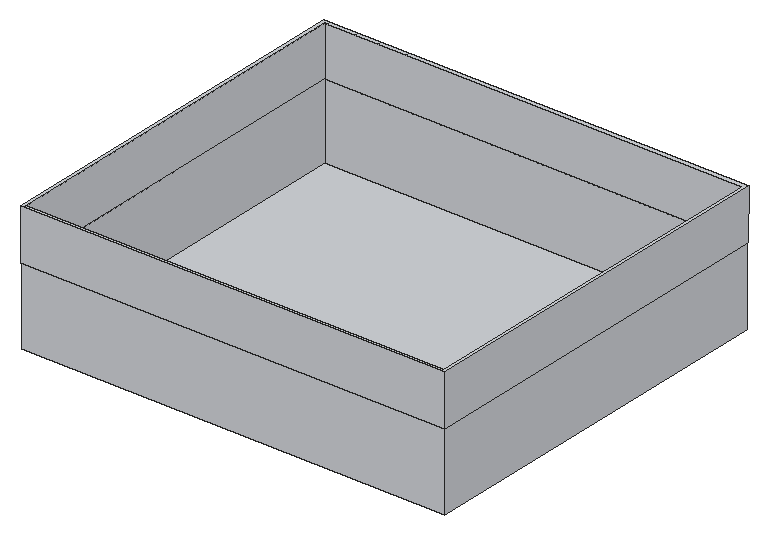
Revit family "Hager-Vega_D-IP30-vazio-PT-pt", category Electrical Equipment, host Face, Revit 2020
Family settings
  Host = Face
  Panel Configuration = Two Columns, Circuits Across
  Round Connector Dimension = Use Diameter
  Part Type = Panelboard
  Cut with Voids When Loaded = No
  Shared = No
  Room Calculation Point = No
Parameters (values of type "Montagem embutida IP30 L600 A537 P182 24 unidade de divisão - FU22AN")
  Width Control [instance] = if([HG000006 - Encastrado], if([EF000846 - Largura para embutir] > min_whd, [EF000846 - Largura para embutir], min_whd), if([EF000008 - Largura] > min_whd, ([EF000008 - Largura]), min_whd))  # 600 mm
  Void Depth [instance] = if([HG000006 - Encastrado], Depth Control, 1 mm)  # 110 mm
  Type Comments = [HG000003 - Gama]  # "Vega D"
  System Height [instance] = Height Control - 2 * [HG000005 - Espessura]  # 531 mm
  Model = [HG000004 - Referência do Fabricante]  # "FU22AN"
  HG000017 - Distância entre polos = 18 mm
  HG000016 - Visibilidade da porta 3D [instance] = yes
  HG000015 - Visibilidade através da porta [instance] = no
  HG000014 - Porta à direita [instance] = yes
  HG000013 - Porta à esquerda [instance] = not([HG000014 - Porta à direita])  # no
  HG000012 - Ângulo de abertura de porta [instance] = 45.00°
  HG000011 - Filas vazias desde da parte de baixo = no
  HG000010 - Portas assimétricas = no
  HG000009 - Porta dupla = no
  HG000008 - Número de filas vazias = 0
  HG000007 - Número de colunas vazias = 0
  HG000006 - Encastrado = yes
  HG000005 - Espessura = 3 mm  # constant formula
  HG000004 - Referência do Fabricante = "FU22AN"
  HG000003 - Gama = "Vega D"
  HG000002 - Com porta ou tampa = no
  HG000001 - Número de colunas = 0
  EF015941 - Porta para passagem de sinal = no
  EF015777 - Borne de neutro = no
  EF015776 - Borne de terra = no
  EF009212 - Tipo de tampa = "EV009916 - Com recuo"
  EF006306 - Com fecho = no
  EF006244 - Tampa/porta transparente = no
  EF005474 - Grau de proteção (IP) = "EV006410 - IP30"
  EF004462 - Tipo de fecho = ""
  EF002950 - Largura em número de módulos = 24
  EF001596 - Material do corpo = "EV000154 - Outro"
  EF001134 - Calha DIN = yes
  EF001131 - Profundidade interior = 110 mm
  EF001088 - Extensão possível = yes
  EF001062 - Versão EMC = no
  EF000846 - Largura para embutir = 600 mm
  EF000339 - Tipo de difusor = "EV000494 - Nenhum"
  EF000332 - Altura embutida = 537 mm
  EF000266 - Número de linhas = 0
  EF000218 - Profundidade incorporada = 110 mm
  EF000118 - Com tampa de montagem = no
  EF000116 - Número RAL = "9010"
  EF000049 - Profundidade = 182 mm
  EF000040 - Altura = 537 mm
  EF000008 - Largura = 600 mm
  EF000007 - Cor = "EV000202 - Branco"
  EF000003 - Método de montagem = "EV000383 - Montagem embutida (gesso)"
  Arrow Offset [instance] = Depth Control / 8  # 13.75 mm
  Arrow Height [instance] = Depth Control - Arrow Offset  # 96.25 mm
  Host Offset [instance] = if([HG000006 - Encastrado], 0 mm, [EF000049 - Profundidade])  # 0 mm
  min_whd [instance] = (2 * [HG000005 - Espessura]) + 1 mm  # 7 mm
  Manufacturer = "Hager"  # constant formula
  Height Control [instance] = if([HG000006 - Encastrado], if([EF000332 - Altura embutida] > min_whd, [EF000332 - Altura embutida], min_whd), if([EF000040 - Altura] > min_whd, ([EF000040 - Altura]), min_whd))  # 537 mm
  Flush Mounted - Door Frame Width [instance] = if(([EF000040 - Altura] - [EF000332 - Altura embutida]) > 0 mm, if([HG000006 - Encastrado], [EF000040 - Altura] - [EF000332 - Altura embutida], 0 mm), 0 mm)  # 0 mm
  Depth Control [instance] = if([HG000006 - Encastrado], if([EF000218 - Profundidade incorporada] > 0 mm, [EF000218 - Profundidade incorporada], 1 mm), if([EF000049 - Profundidade] > 0 mm, ([EF000049 - Profundidade]), 1 mm))  # 110 mm
  Default Elevation = 0 mm
Reference planes
  plane 1 "Center (Front/Back)": y = 0
  plane 2: z = 0
  plane 3 "Center (Left/Right)": x = 0
  plane 4: z = 0
  plane 5: y = 3
  plane 6: z = -5
  plane 7: y = 268.5
  plane 8: y = 0
  plane 9: y = 537
  plane 10: z = -110
  plane 11: x = -300
  plane 12: x = 300
  plane 13: x = 297
  plane 14: x = -297
  plane 15: y = 534
  plane 16: z = -107
  plane 17: z = -3
  plane 18: z = -110
  plane 19: z = -3
Forms (mm)
  Extrusion 1, solid
    sketch origin (-583.045, 0, 1219.2) x (-1, 0, 0) y (0, 0, 1)
      loop
        line (-283.045, -1219.2) -> (-883.045, -1219.2) -> (-883.045, -1329.2) -> (-283.045, -1329.2) -> (-283.045, -1219.2)
    from 0 to 537 <- "Height Control"
  Extrusion 2, void
    sketch origin (-381.607, -4572, 0) x (0, -1, 0) y (-1, 0, 0)
      loop
        line (-5106, -84.607) -> (-5106, -678.607) -> (-4575, -678.607) -> (-4575, -84.607) -> (-5106, -84.607)
    from 0 to 107
  Extrusion 3, void
    sketch origin (0, 0, 0) x (1, 0, 0) y (0, 1, 0)
      loop
        line (-300, 0) -> (300, 0) -> (300, 537) -> (-300, 537) -> (-300, 0)
    from -110 to 1
  Extrusion 4, solid, detail levels coarse+medium
    sketch origin (-381.607, -4572, 0) x (-1, 0, 0) y (0, -1, 0)
      loop
        line (-84.607, -5106) -> (-84.607, -4575) -> (-678.607, -4575) -> (-678.607, -5106) -> (-84.607, -5106)
    from 0 to -3
Cuts and joins
  Extrusion 2 cuts Extrusion 1
Dimensions and locks
  plane 4 to plane 6 = 5 mm
  "Host Offset": plane 4 to host face
  "Flush Mounted - Door Frame Width": plane 1 "Center (Front/Back)" to plane 8
  "HG000005 - Espessura": plane 5 to plane 8
  locked: connector elem to plane 3 "Center (Left/Right)"
  "Height Control": plane 9 to plane 8
  equal spacing: plane 9, plane 7, plane 8
  locked: connector elem to plane 7
  "Depth Control": plane 4 to plane 10
  "HG000005 - Espessura": plane 11 to plane 14
  "HG000005 - Espessura": plane 12 to plane 13
  equal spacing: plane 11, plane 3 "Center (Left/Right)", plane 12
  "Width Control": plane 11 to plane 12
  "Arrow Offset": nested 4 to plane 10
  "HG000005 - Espessura": plane 9 to plane 15
  "HG000005 - Espessura": plane 16 to plane 10
  "HG000005 - Espessura": plane 4 to plane 17
  "Void Depth": plane 2 to plane 18
  "HG000005 - Espessura": plane 4 to plane 19
  aligned and locked: plane 2 to host face
  aligned and locked: level to host face
  aligned and locked: plane 3 "Center (Left/Right)" to nested 2
  aligned and locked: nested 2 to plane 4
  aligned and locked: nested 2 to plane 8
  aligned and locked: nested 1 to plane 6
  aligned and locked: nested 1 to plane 5
  aligned and locked: nested 4 to plane 11
  aligned and locked: nested 3 to plane 4
  aligned and locked: Extrusion 1 sketch curve to plane 12
  aligned and locked: Extrusion 1 sketch curve to plane 11
  aligned and locked: nested 3 to plane 10
  aligned and locked: plane 10 to Extrusion 1 sketch curve
  aligned and locked: Extrusion 2 sketch curve to plane 5
  aligned and locked: Extrusion 2 sketch curve to plane 15
  aligned and locked: Extrusion 2 sketch curve to plane 14
  aligned and locked: Extrusion 2 sketch curve to plane 13
  aligned and locked: plane 11 to Extrusion 3 sketch curve
  aligned and locked: plane 9 to Extrusion 3 sketch curve
  aligned and locked: Extrusion 3 sketch curve to plane 8
  aligned and locked: plane 12 to Extrusion 3 sketch curve
  aligned and locked: nested 3 to plane 12
  aligned and locked: Extrusion 3 to plane 18
  aligned and locked: Extrusion 2 to plane 16
  aligned and locked: Extrusion 1 sketch curve to plane 4
  aligned and locked: Extrusion 4 to plane 17
  aligned and locked: Extrusion 4 sketch curve to plane 15
  aligned and locked: Extrusion 4 sketch curve to plane 13
  aligned and locked: Extrusion 4 sketch curve to plane 14
  aligned and locked: Extrusion 4 sketch curve to plane 5
Automatic sketch dimensions
  host sketch curve to host sketch curve = 1469.727 mm
  host sketch curve to host sketch curve = 1434.803 mm
Nested families
  nested 1: "Hager_Enclosure_System" at (0, 3, -5) x (1, 0, 0) z (0, 1, 0), Depth <- "HG000005 - Espessura", Height <- "System Height", Width <- "EF000008 - Largura", Border <- "HG000005 - Espessura", Flush_Mounted <- "HG000006 - Encastrado", Built-in_Width <- "EF000846 - Largura para embutir", Row_Module_Multiplicator <- "EF002950 - Largura em número de módulos", Total_No_Empty_Rows <- "HG000008 - Número de filas vazias", Total_No_Rows <- "EF000266 - Número de linhas", Empty_Columns <- "HG000007 - Número de colunas vazias", Width_Control <- "Width Control", Empty_Rows_From_Bottom <- "HG000011 - Filas vazias desde da parte de baixo", Distance_Between_Poles <- "HG000017 - Distância entre polos", Rows_Count <- "EF000266 - Número de linhas", Columns_Count <- "HG000001 - Número de colunas", type "Hager_Enclosure_System", detail levels fine
    with Width_Control 600 mm, Width 600 mm, Total_No_Rows 0, Total_No_Empty_Rows 0, Total_No_Columns 1, System_Width 594 mm, Rows_Count 0, Rows_Column 0, Row_Module_Multiplicator 24, Panel_4 no, Panel_3 no, Panel_2 no, Panel_1 no, No_Panels_Ctrl 1, Hide_Columns yes, Height 531 mm, Flush_Mounted yes, Empty_Rows_From_Bottom no, Empty_Rows_Column 0, Empty_Columns 0, Distance_Between_Poles 18 mm, Depth 3 mm, Columns_Count 0, Column_Width 594 mm, Built-in_Width 600 mm, Border 3 mm
  nested 2: "Hager_Enclosure_Door" at (0, 0, 0) x (1, 0, 0) z (0, 1, 0), Border <- "HG000005 - Espessura", Door_Right <- "HG000014 - Porta à direita", Flush_Mounted <- "HG000006 - Encastrado", Depth <- "EF000049 - Profundidade", Width <- "EF000008 - Largura", Door_Left <- "HG000013 - Porta à esquerda", 3d_Door <- "HG000016 - Visibilidade da porta 3D", BuiltIn_Width <- "EF000846 - Largura para embutir", BuiltIn_Height <- "EF000332 - Altura embutida", BuiltIn_Depth <- "EF000218 - Profundidade incorporada", Angle <- "HG000012 - Ângulo de abertura de porta", Assymetrical <- "HG000010 - Portas assimétricas", Double <- "HG000009 - Porta dupla", Clearance <- "HG000015 - Visibilidade através da porta", Transparent <- "EF006244 - Tampa/porta transparente", Door <- "HG000002 - Com porta ou tampa", Height_Ctrl <- "Height Control", Width_Ctrl <- "Width Control", Height <- "EF000040 - Altura", type "Hager_Enclosure_Door", detail levels medium+fine
    with min_wh 7 mm, Width_Ctrl 600 mm, Width 600 mm, Transparent_Door_No_Bottom_Border no, Transparent no, Leaf_Width 591 mm, Leaf_Tolerance 1.5 mm, Leaf_Height 528 mm, Leaf_2_Width 591 mm, Leaf_2_Offset 295.5 mm, Leaf_1_Width 591 mm, Leaf_1_Offset 295.5 mm, Height_Ctrl 537 mm, Height 537 mm, Frame_Width_Ctrl 1 mm, Frame_Width 0 mm, Frame_Internal_Offset 3 mm, Frame_Height_Ctrl 1 mm, Frame_Height 0 mm, Frame_Depth_Ctrl 72 mm, Frame_Depth 72 mm, Flush_Mounted yes, Double_Clearance_Ctrl no, Double no, Door_Right_Ctrl no, Door_Right yes, Door_Left_Ctrl no, Door_Left no, Door no, Depth 182 mm, Clearance_Depth 591 mm, Clearance_Ctrl no, Clearance no, BuiltIn_Width 600 mm, BuiltIn_Height 537 mm, BuiltIn_Depth 110 mm, Border 3 mm, Assymetrical no, Angle 45.00°, 3d_Door yes
  nested 3: "Hager_Enclosure_Symbol_Triangle" at (-300, 0, -110) x (1, 0, 0) z (0, -1, 0), Depth <- "Depth Control", Width <- "Width Control", type "Hager_Enclosure_Symbol_Triangle"
    with Width_Ctrl 600 mm, Width 600 mm, Depth_Ctrl 110 mm, Depth 110 mm
  nested 4: "Hager_Enclosure_Symbol_Arrow" at (-300, 0, -96.25) x (1, 0, 0) z (0, -1, 0), Height <- "Arrow Height", type "Hager_Enclosure_Symbol_Arrow"
    with Width_Inside 7.219 mm, Width 86.625 mm, Height_Ctrl 96.25 mm, Height 96.25 mm
Connectors
  electrical at (0, 268.5, -110)
    settings: on plane 10, index 1, voltage 0 V, apparent load 0 VA, apparent load phase1 0 VA, apparent load phase2 0 VA, apparent load phase3 0 VA, power factor 1, load classification "Other", number of poles 1, system type 30, power factor state 1, is connector primary yes, connector utility no, sub classification motor no, connector description ""
Definition of nested family "Hager_Enclosure_Door"
  Parameters (values of type "Hager_Enclosure_Door")
    min_wh [instance] = (2 * Border) + 1 mm  # 11 mm
    Width_Ctrl [instance] = 400 mm
    Width [instance] = 500 mm
    Transparent_Door_No_Bottom_Border [instance] = no
    Transparent [instance] = yes
    Leaf_Width [instance] = if((Width_Ctrl - 2 * Border - 2 * Leaf_Tolerance) > 0 mm, (Width_Ctrl - 2 * Border - 2 * Leaf_Tolerance), min_wh)  # 387 mm
    Leaf_Tolerance [instance] = 1.5 mm  # constant formula
    Leaf_Height [instance] = if((Height_Ctrl - 2 * Border - 2 * Leaf_Tolerance) > 0 mm, (Height_Ctrl - 2 * Border - 2 * Leaf_Tolerance), min_wh)  # 387 mm
    Leaf_2_Width [instance] = if(and(and(Double, Assymetrical), Door_Left), (Leaf_Width / 3) - (Leaf_Tolerance / 2), if(and(and(Double, Assymetrical), Door_Right), (Leaf_Width / 3) * 2 - (Leaf_Tolerance / 2), if(and(Double, not(Assymetrical)), (Leaf_Width / 2) - Leaf_Tolerance, Leaf_Width)))  # 387 mm
    Leaf_2_Offset [instance] = if(and(Double, Assymetrical), Leaf_2_Width / 2, if(and(Double, not(Assymetrical)), Leaf_Width / 4, Leaf_Width / 2))  # 193.5 mm
    Leaf_1_Width [instance] = if(and(and(Double, Assymetrical), Door_Right), (Leaf_Width / 3) - (Leaf_Tolerance / 2), if(and(and(Double, Assymetrical), Door_Left), (Width / 3) * 2 - (Leaf_Tolerance / 2), if(and(Double, not(Assymetrical)), (Leaf_Width / 2) - Leaf_Tolerance, Leaf_Width)))  # 387 mm
    Leaf_1_Offset [instance] = if(and(Double, Assymetrical), Leaf_1_Width / 2, if(and(Double, not(Assymetrical)), Leaf_Width / 4, Leaf_Width / 2))  # 193.5 mm
    Height_Ctrl [instance] = 400 mm
    Height [instance] = 500 mm
    Frame_Width_Ctrl [instance] = if(Frame_Width > 0 mm, Frame_Width, 1 mm)  # 1 mm
    Frame_Width [instance] = Width - BuiltIn_Width  # 0 mm
    Frame_Internal_Offset [instance] = if(Flush_Mounted, Border, 0 mm)  # 5 mm
    Frame_Height_Ctrl [instance] = if(Frame_Height > 0 mm, Frame_Height, 1 mm)  # 1 mm
    Frame_Height [instance] = Height - BuiltIn_Height  # 0 mm
    Frame_Depth_Ctrl [instance] = if(Frame_Depth > 0 mm, Frame_Depth, 1 mm)  # 1 mm
    Frame_Depth [instance] = if(Depth - BuiltIn_Depth > 0 mm, if(Flush_Mounted, Depth - BuiltIn_Depth, 0 mm), 0 mm)  # 0 mm
    Flush_Mounted [instance] = yes
    Double_Clearance_Ctrl [instance] = and(Double, Clearance)  # no
    Double [instance] = no
    Door_Right_Ctrl [instance] = and(or(Door_Right, Double), Door)  # yes
    Door_Right [instance] = yes
    Door_Left_Ctrl [instance] = and(or(Door_Left, Double), Door)  # no
    Door_Left [instance] = no
    Door [instance] = yes
    Depth [instance] = 500 mm
    Default Elevation = 1219.2 mm
    Clearance_Material = none
    Clearance_Depth [instance] = if(Leaf_1_Width > Leaf_2_Width, Leaf_1_Width, Leaf_2_Width)  # 387 mm
    Clearance_Ctrl [instance] = and(not(Double), Clearance)  # yes
    Clearance [instance] = yes
    BuiltIn_Width [instance] = 500 mm
    BuiltIn_Height [instance] = 500 mm
    BuiltIn_Depth [instance] = 500 mm
    Border [instance] = 5 mm
    Assymetrical [instance] = yes
    Angle [instance] = 30.00°
    3d_Door [instance] = yes
  Reference planes
    plane 1 "Center (Front/Back)": y = 0
    plane 2 "Bottom": z = 0
    plane 3 "Center (Left/Right)": x = 0
    plane 4: z = 400
    plane 5: x = -200
    plane 6: x = 200
    plane 7: z = 395
    plane 8: x = -195
    plane 9: z = 5
    plane 10: x = 195
    plane 11: y = 0
    plane 12: z = 6.5
    plane 13: x = -582
    plane 14: y = -387
    plane 15: x = 582
    plane 16: x = 0
    plane 17: x = 0
    plane 18: x = -193.5
    plane 19: x = 193.5
    plane 20: z = 393.5
  Forms (mm)
    Extrusion 1, solid, visible <- "Flush_Mounted"
      sketch origin (0, 0, 0) x (1, 0, 0) y (0, 0, 1)
        loop
          line (195, 5) -> (195, 395) -> (-195, 395) -> (-195, 5) -> (195, 5)
        loop
          line (-201, 401) -> (-201, -1) -> (201, -1) -> (201, 401) -> (-201, 401)
      from 0 to 1 <- "Frame_Depth_Ctrl"
    Extrusion 2, solid, material <- "Clearance_Material", visible <- "Double_Clearance_Ctrl"
      sketch origin (1200, 0, 0) x (1, 0, 0) y (0, 0, -1)
        loop
          line (-1782, -393.5) -> (-618, -393.5) -> (-618, 0) -> (-1782, 0) -> (-1782, -393.5)
      from 0 to -387
  Dimensions and locks
    equal spacing: plane 5, plane 3 "Center (Left/Right)", plane 6
    "Width_Ctrl": plane 5 to plane 6
    "Border": plane 5 to plane 8
    "Border": plane 6 to plane 10
    "Border": plane 9 to level
    "Border": plane 4 to plane 7
    "Height_Ctrl": plane 4 to level
    "Leaf_Tolerance": plane 12 to plane 9
    "Frame_Depth": plane 11 to plane 1 "Center (Front/Back)"
    "Frame_Width_Ctrl": plane 5 to Extrusion 1 sketch curve
    "Frame_Width_Ctrl": plane 6 to Extrusion 1 sketch curve
    "Frame_Width_Ctrl": Extrusion 1 sketch curve to plane 4
    "Frame_Width_Ctrl": plane 2 "Bottom" to Extrusion 1 sketch curve
    "Leaf_1_Offset": plane 18 to plane 16
    "Leaf_2_Offset": plane 17 to plane 19
    "Leaf_1_Width": plane 13 to plane 8
    "Leaf_2_Width": plane 10 to plane 15
    "Clearance_Depth": plane 14 to plane 1 "Center (Front/Back)"
    "Leaf_Tolerance": plane 8 to plane 18
    "Leaf_Tolerance": plane 19 to plane 10
    "Leaf_Tolerance": plane 7 to plane 20
    "Frame_Internal_Offset": plane 5 to Extrusion 1 sketch curve
    "Frame_Internal_Offset": Extrusion 1 sketch curve to plane 2 "Bottom"
    "Frame_Internal_Offset": plane 6 to Extrusion 1 sketch curve
    "Frame_Internal_Offset": plane 4 to Extrusion 1 sketch curve
    aligned and locked: level to plane 2 "Bottom"
    aligned and locked: nested 1 to plane 16
    aligned and locked: nested 2 to plane 17
    aligned and locked: Extrusion 2 to plane 13
    aligned and locked: plane 15 to Extrusion 2
    aligned and locked: Extrusion 2 to plane 14
    aligned and locked: plane 12 to nested 1
    aligned and locked: nested 2 to plane 12
    aligned and locked: Extrusion 2 to plane 11
    aligned and locked: plane 20 to Extrusion 2
    aligned and locked: nested 2 to plane 11
    aligned and locked: nested 1 to plane 11
  Automatic sketch dimensions
    Extrusion 2 sketch curve to level = 0 mm
    plane 5 to Extrusion 2 sketch curve = 382 mm
    plane 6 to Extrusion 2 sketch curve = 382 mm
    Extrusion 2 sketch curve to plane 4 = 6.5 mm
  Nested families
    nested 1: "Hager_Enclosure_Door_Leaf" at (0, 0, 6.5), Width <- "Leaf_1_Width", visible <- "Door_Left_Ctrl", Leaf_Height <- "Leaf_Height", Angle <- "Angle", Depth <- "Border", 3d_Door <- "3d_Door", Transparent <- "Transparent", Clearance Material <- "Clearance_Material", Clearance <- "Clearance_Ctrl", Transparent_Door_No_Bottom_Border <- "Transparent_Door_No_Bottom_Border", type "Hager_Enclosure_Door_Leaf"
      with Width 387 mm, Transparent_Door_No_Bottom_Border no, Transparent_Door_Border_Bottom_Top 25 mm, Transparent_Door_Border 25 mm, Transparent_Ctrl yes, Transparent yes, Standard no, Leaf_Height 387 mm, Glass_Offset 1 mm, Depth 5 mm, Clearance Material none, Clearance yes, Angle_Ctrl 30.00°, Angle 30.00°, 3d_Door yes
    nested 2: "Hager_Enclosure_Door_Leaf" at (0, 0, 6.5) x (-1, 0, 0) z (0, 0, 1), Width <- "Leaf_2_Width", visible <- "Door_Right_Ctrl", Leaf_Height <- "Leaf_Height", Angle <- "Angle", Depth <- "Border", 3d_Door <- "3d_Door", Transparent <- "Transparent", Clearance Material <- "Clearance_Material", Clearance <- "Clearance_Ctrl", Transparent_Door_No_Bottom_Border <- "Transparent_Door_No_Bottom_Border", type "Hager_Enclosure_Door_Leaf"
      with Width 387 mm, Transparent_Door_No_Bottom_Border no, Transparent_Door_Border_Bottom_Top 25 mm, Transparent_Door_Border 25 mm, Transparent_Ctrl yes, Transparent yes, Standard no, Leaf_Height 387 mm, Glass_Offset 1 mm, Depth 5 mm, Clearance Material none, Clearance yes, Angle_Ctrl 30.00°, Angle 30.00°, 3d_Door yes
  Definition of nested family "Hager_Enclosure_Door_Leaf"
    Parameters (values of type "Hager_Enclosure_Door_Leaf")
      Width [instance] = 2000 mm
      Transparent_Door_No_Bottom_Border [instance] = yes
      Transparent_Door_Border_Bottom_Top [instance] = if(Transparent_Door_No_Bottom_Border, 0.1 mm, Transparent_Door_Border)  # 0.1 mm
      Transparent_Door_Border [instance] = if(Transparent_Door_No_Bottom_Border, (Width * 0.12), 25 mm)  # 240 mm
      Transparent_Ctrl [instance] = and(Transparent, [3d_Door])  # yes
      Transparent [instance] = yes
      Standard [instance] = and(not(Transparent), [3d_Door])  # no
      Leaf_Height [instance] = 2720.336 mm
      Glass_Offset [instance] = if((Depth - 10 mm) / 2 > 0 mm, (Depth - 10 mm) / 2, 1 mm)  # 15 mm
      Glass_Material = none
      Depth [instance] = 40 mm
      Default Elevation = 0 mm
      Clearance Material [instance] = none
      Clearance [instance] = yes
      Angle_Ctrl [instance] = if(Angle > 170.00°, 170.00°, Angle)  # 45.00°
      Angle [instance] = 45.00°
      3d_Door [instance] = yes
    Reference planes
      plane 1 "Center (Front/Back)": y = 0
      plane 2: z = 0
      plane 3 "Center (Left/Right)": x = 0
      plane 4: y = 2000
      plane 5: x = -1000
      plane 6: x = 1000
      plane 7: x = -3000
      plane 8: z = 2720.336
      plane 9: z = 0.1
      plane 10: z = 2720.236
      plane 11: x = 760
      plane 12: x = -760
    Forms (mm)
      Extrusion 1, solid, material <- "Clearance Material", visible <- "Clearance"
        sketch origin (0, 0, 0) x (1, 0, 0) y (0, 0, 1)
          loop
            line (-3000, 2720.336) -> (-3000, 0) -> (1000, 0) -> (1000, 2720.336) -> (-3000, 2720.336)
        from 0 to -2000
      Extrusion 2, solid, visible <- "Standard", detail levels medium+fine
        sketch origin (-1000, 0, 0) x (0.707107, 0.707107, 0) y (-0.707107, 0.707107, 0)
          loop
            line (0, -40) -> (2000, -40) -> (2000, 0) -> (0, 0) -> (0, -40)
        from 0 to 2720.336 <- "Leaf_Height"
      Extrusion 3, solid, visible <- "Transparent_Ctrl", detail levels medium+fine
        sketch origin (-1000, 0, 0) x (0.707107, 0.707107, 0) y (-0.707107, 0.707107, 0)
          loop
            line (0, -40) -> (2000, -40) -> (2000, 0) -> (0, 0) -> (0, -40)
        from 0 to 2720.336 <- "Leaf_Height"
      Extrusion 4, void, detail levels medium+fine
        sketch origin (-1000, 0, 0) x (-0.707107, 0.707107, 0) y (0.707107, 0.707107, 0)
          loop
            line (0, 240) -> (0, 1760) -> (-40, 1760) -> (-40, 240) -> (0, 240)
        from -2720.236 to -0.1
      Extrusion 5, solid, material <- "Glass_Material", visible <- "Transparent_Ctrl", detail levels medium+fine
        sketch origin (-1000, 0, 0) x (0.707107, 0.707107, 0) y (-0.707107, 0.707107, 0)
          loop
            line (240, -15) -> (240, -25) -> (1760, -25) -> (1760, -15) -> (240, -15)
        from 0.1 to 2720.236
    Cuts and joins
      Extrusion 4 cuts Extrusion 3
    Lines and regions (mm)
      symbolic lines
        curve 1: line (1000, 0, 0) -> (-3000, 0, 0)
        curve 2: arc (1000, 0, 0) -> (-1000, 2000, 0) -> (-3000, 0, 0) r 2000
        curve 4: line (-1000, 0, 0) -> (414.214, 1414.214, 0)
      reference lines
        curve 3: line (-1000, 0, 0) -> (414.214, 1414.214, 0)
      symbolic lines, detail levels medium+fine
        curve 5: line (414.214, 1414.214, 0) -> (442.498, 1385.929, 0)
        curve 6: line (442.498, 1385.929, 0) -> (-971.716, -28.284, 0)
        curve 7: line (-971.716, -28.284, 0) -> (-1000, 0, 0)
        curve 8: line (-1000, 0, 2720.336) -> (1000, 0, 2720.336)
        curve 9: line (-1000, 0, 0) -> (-1000, 0, 2720.336)
        curve 10: line (1000, 0, 0) -> (-1000, 0, 0)
        curve 11: line (1000, 0, 2720.336) -> (1000, 0, 0)
      symbolic lines, visible <- "Transparent_Ctrl", detail levels medium+fine
        curve 12: line (-760, 0, 2720.236) -> (760, 0, 2720.236)
        curve 13: line (-760, 0, 0.1) -> (-760, 0, 2720.236)
        curve 14: line (760, 0, 0.1) -> (-760, 0, 0.1)
        curve 15: line (760, 0, 2720.236) -> (760, 0, 0.1)
    Dimensions and locks
      "Width": plane 1 "Center (Front/Back)" to plane 4
      equal spacing: plane 5, plane 3 "Center (Left/Right)", plane 6
      "Width": plane 5 to plane 6
      "Width": plane 7 to plane 5
      "Leaf_Height": plane 8 to level
      "Depth": curve 6 to curve 3
      "Width": curve 5 to curve 3
      "Width": curve 3 to curve 3
      "Transparent_Door_Border": Extrusion 4 sketch curve to curve 7
      "Transparent_Door_Border": Extrusion 4 sketch curve to curve 5
      "Transparent_Door_Border_Bottom_Top": plane 8 to plane 10
      "Transparent_Door_Border_Bottom_Top": plane 9 to level
      "Glass_Offset": Extrusion 5 sketch curve to curve 4
      "Glass_Offset": Extrusion 5 sketch curve to curve 6
      "Transparent_Door_Border": Extrusion 5 sketch curve to curve 5
      "Transparent_Door_Border": Extrusion 5 sketch curve to curve 7
      "Transparent_Door_Border": plane 12 to plane 5
      "Transparent_Door_Border": plane 6 to plane 11
      "Angle_Ctrl": angle plane 1 "Center (Front/Back)" to curve 3
      aligned and locked: level to plane 2
      aligned and locked: Extrusion 1 to curve 1
      aligned and locked: plane 6 to Extrusion 1
      aligned and locked: Extrusion 1 to plane 1 "Center (Front/Back)"
      aligned and locked: plane 4 to Extrusion 1
      aligned and locked: plane 8 to Extrusion 1
      aligned and locked: curve 4 to curve 3
      aligned and locked: Extrusion 2 sketch curve to curve 7
      aligned and locked: Extrusion 2 sketch curve to curve 6
      aligned and locked: Extrusion 2 sketch curve to curve 5
      aligned and locked: Extrusion 2 sketch curve to curve 3
      aligned and locked: curve 7 to Extrusion 3 sketch curve
      aligned and locked: Extrusion 3 sketch curve to curve 4
      aligned and locked: Extrusion 3 sketch curve to curve 6
      aligned and locked: Extrusion 3 sketch curve to curve 5
      aligned and locked: curve 4 to Extrusion 4 sketch curve
      aligned and locked: curve 6 to Extrusion 4 sketch curve
      aligned and locked: Extrusion 4 to plane 9
      aligned and locked: Extrusion 4 to plane 10
      aligned and locked: Extrusion 5 to plane 9
      aligned and locked: Extrusion 5 to plane 10
      aligned and locked: curve 8 to plane 8
      aligned and locked: plane 5 to curve 9
      aligned and locked: plane 2 to curve 10
      aligned and locked: curve 11 to plane 6
      aligned and locked: plane 10 to curve 12
      aligned and locked: plane 12 to curve 13
      aligned and locked: curve 14 to plane 9
      aligned and locked: plane 11 to curve 15
    Automatic sketch dimensions
      plane 1 "Center (Front/Back)" to curve 2 = 0 mm
      curve 2 to plane 5 = 0 mm
      Extrusion 1 sketch curve to level = 0 mm
      Extrusion 1 sketch curve to plane 7 = 0 mm
      Extrusion 1 sketch curve to plane 6 = 0 mm
      Extrusion 1 sketch curve to plane 8 = 0 mm
      plane 1 "Center (Front/Back)" to curve 3 = 0 mm
      curve 3 to plane 5 = 0 mm
      curve 7 to curve 3 = 0 mm
Definition of nested family "Hager_Enclosure_Symbol_Triangle"
  Parameters (values of type "Hager_Enclosure_Symbol_Triangle")
    Width_Ctrl [instance] = if(Width > 1 mm, Width, 1 mm)  # 498 mm
    Width [instance] = 498 mm
    Depth_Ctrl [instance] = if(Depth > 1 mm, Depth, 1 mm)  # 72 mm
    Depth [instance] = 72 mm
  Reference planes
    plane 1 "Centre (avant/arrière)": y = 0
    plane 2: z = 0
    plane 3 "Centre (gauche/droite)": x = 0
  Lines and regions (mm)
    Filled region 1, type "Solid_Black", in view "Niveau de réf."
      outline origin (0, 0, 0) x (1, 0, 0) y (0, 1, 0)
        loop
          line (0, 0) -> (498, 0) -> (498, 72) -> (0, 0)
    reference lines, in view "Niveau de réf."
      curve 1: line (-206.153, 72, 0) -> (1083.258, 72, 0)
      curve 2: line (498, 405.456, 0) -> (498, -517.619, 0)
  Dimensions and locks
    "Depth_Ctrl": plane 1 "Centre (avant/arrière)" to curve 1
    "Width_Ctrl": plane 3 "Centre (gauche/droite)" to curve 2
    aligned and locked: curve 1 to Filled region 1 sketch curve
    aligned and locked: Filled region 1 sketch curve to plane 1 "Centre (avant/arrière)"
    aligned and locked: curve 2 to Filled region 1 sketch curve
    aligned and locked: plane 3 "Centre (gauche/droite)" to Filled region 1 sketch curve
    aligned and locked: plane 1 "Centre (avant/arrière)" to Filled region 1 sketch curve
  Automatic sketch dimensions
    curve 1 to plane 3 "Centre (gauche/droite)" = 206.153 mm
    curve 2 to curve 1 = 585.258 mm
    plane 1 "Centre (avant/arrière)" to curve 2 = 517.619 mm
    curve 2 to plane 1 "Centre (avant/arrière)" = 405.456 mm
Definition of nested family "Hager_Enclosure_Symbol_Arrow"
  Parameters (values of type "Hager_Enclosure_Symbol_Arrow")
    Width_Inside [instance] = if(Width / 12 > 2 mm, Width / 12, 2 mm)  # 4.987 mm
    Width [instance] = if(Height_Ctrl * 0.9 > 2 mm, Height_Ctrl * 0.9, 2 mm)  # 59.85 mm
    Height_Ctrl [instance] = if(Height > 2 mm, Height, 2 mm)  # 66.5 mm
    Height [instance] = 66.5 mm
  Reference planes
    plane 1 "Centre (avant/arrière)": y = 0
    plane 2: z = 0
    plane 3 "Centre (gauche/droite)": x = 0
    plane 4: x = 59.85
    plane 5: y = 28.263
    plane 6: y = 38.238
    plane 7: y = 66.5
    plane 8: x = 29.925
    plane 9: y = 33.25
  Lines and regions (mm)
    Filled region 1, type "Solid_Black", in view "Niveau de réf."
      outline origin (0, 0, 0) x (1, 0, 0) y (0, 1, 0)
        loop
          line (59.85, 66.5) -> (37.929, 52.827) -> (51.846, 41.935) -> (59.85, 66.5)
    detail lines, in view "Niveau de réf."
      curve 1: line (0, 0, 0) -> (29.925, 38.238, 0)
      curve 2: line (29.925, 38.238, 0) -> (29.925, 28.263, 0)
      curve 3: line (29.925, 28.263, 0) -> (59.85, 66.5, 0)
  Dimensions and locks
    "Width": plane 3 "Centre (gauche/droite)" to plane 4
    "Height_Ctrl": plane 7 to plane 1 "Centre (avant/arrière)"
    equal spacing: plane 3 "Centre (gauche/droite)", plane 8, plane 4
    equal spacing: plane 7, plane 9, plane 1 "Centre (avant/arrière)"
    equal spacing: plane 6, plane 9, plane 5
    "Width_Inside": plane 6 to plane 9
    equal spacing: curve 3, Filled region 1 sketch curve, Filled region 1 sketch curve
    angle Filled region 1 sketch curve to curve 3 = 20.00°
    angle curve 3 to Filled region 1 sketch curve = 20.00°
    locked: curve 3 to Filled region 1 sketch curve (angle 90.00°)
  Automatic sketch dimensions
    plane 1 "Centre (avant/arrière)" to curve 1 = 0 mm
    curve 1 to plane 3 "Centre (gauche/droite)" = 0 mm
    curve 2 to plane 6 = 0 mm
    curve 3 to plane 8 = 0 mm
    curve 3 to plane 4 = 0 mm
    curve 2 to plane 5 = 0 mm
    curve 3 to plane 7 = 0 mm
    Filled region 1 sketch curve to plane 4 = 0 mm
    Filled region 1 sketch curve to plane 7 = 0 mm
